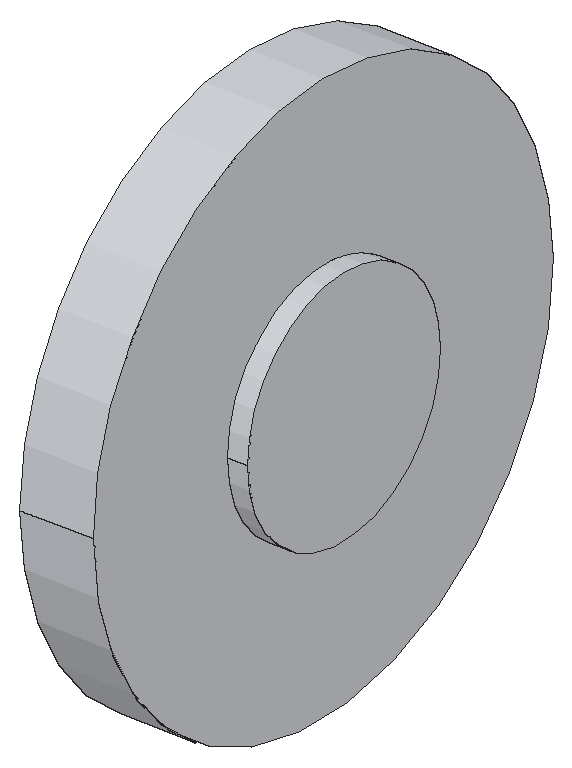
Revit family "2234fb68f8e948c6905bfff7b5c7e331", category Pipe Fittings, Revit 2021
Family settings
  Round Connector Dimension = Use Radius
  Part Type = Flange
  OmniClass Number = 23.60.30.11.14
  OmniClass Title = Pipework Fittings
  Seek Item ID = Flange - Threaded - GI - Class 250-0000-USA-ENU
  Work Plane-Based = No
  Always vertical = Yes
  Cut with Voids When Loaded = No
  Shared = No
Parameters (values of type "Standard")
  Tick Size [instance] = Flange Diameter * 0.4  # 1.95276"
  Raised Face Thickness [instance] = 1/16"  # constant formula
  Raised Face Radius [instance] = Raised Face Diameter / 2  # 1.33858"
  Raised Face Diameter [instance] = size_lookup(Lookup Table Name, "RFD", 1.2 * Nominal Diameter + 2 1/256", Nominal Diameter)  # 2.67717"
  Nominal Radius [instance] = 1/2"
  Nominal Diameter [instance] = Nominal Radius * 2  # 1"
  Loss Method = Not Defined
  Lookup Table Name = "Flange - Threaded - GI - Class 250"
  Length [instance] = size_lookup(Lookup Table Name, "Lgt", 0.13 * Nominal Diameter + 1 1/16", Nominal Diameter)  # 0.86614"
  Hub Radius [instance] = Hub Diameter / 2  # 1.02362"
  Hub Diameter [instance] = size_lookup(Lookup Table Name, "HDia", 1.12 * Nominal Diameter + 1 55/256", Nominal Diameter)  # 2.04724"
  Flange Thickness [instance] = size_lookup(Lookup Table Name, "FThk", 0.08 * Nominal Diameter + 217/256", Nominal Diameter)  # 0.68898"
  Flange Radius [instance] = Flange Diameter / 2  # 2.44094"
  Flange Diameter [instance] = size_lookup(Lookup Table Name, "FDia", 1.34 * Nominal Diameter + 4 3/16", Nominal Diameter)  # 4.88189"
  Default Elevation = 0' - 0"
Reference planes (in)
  plane 1 "Center (Front/Back)": y = 0
  plane 2: z = 0
  plane 3 "Center (Left/Right)": x = 0
  plane 4: y = 1.95276
  plane 5: y = -1.95276
  plane 6: x = 0.68898
  plane 7: x = 0.86614
  plane 8: x = 0.0625
Forms (in)
  Sweep 1, solid, detail levels fine
    path in 3D
      loop
        line (0, 0, 0) -> (0.0625, 0, 0)
    profile origin (0.03125, 0, 0) x (0, 1, 0) y (0, 0, 1)
      loop
        circle (0, 0) r 1.33858
  Sweep 2, solid, detail levels fine
    path in 3D
      loop
        line (0.0625, 0, 0) -> (0.68898, 0, 0)
    profile origin (0.37574, 0, 0) x (0, 1, 0) y (0, 0, 1)
      loop
        circle (0, 0) r 2.44094
  Sweep 3, solid, detail levels fine
    path in 3D
      loop
        line (0.68898, 0, 0) -> (0.86614, 0, 0)
    profile origin (0.77756, 0, 0) x (0, 1, 0) y (0, 0, 1)
      loop
        circle (0, 0) r 1.02362
Cuts and joins
  joined: Sweep 1, Sweep 2, Sweep 3
Lines and regions (in)
  model lines, detail levels coarse+medium
    curve 1: line (0.68898, 1.95276, 0) -> (0.68898, -1.95276, 0)
    curve 2: line (0, 0, 0) -> (0.0625, 0, 0)
    curve 3: line (0.0625, 0, 0) -> (0.68898, 0, 0)
    curve 4: line (0.68898, 0, 0) -> (0.86614, 0, 0)
  sketch lines
    curve 5: line (0, 0, 0) -> (0.0625, 0, 0)
    curve 6: line (0.0625, 0, 0) -> (0.68898, 0, 0)
    curve 7: line (0.68898, 0, 0) -> (0.86614, 0, 0)
Dimensions and locks (in)
  equal spacing: plane 4, plane 1 "Center (Front/Back)", plane 5
  "Tick Size": plane 4 to plane 1 "Center (Front/Back)"
  "Flange Thickness": plane 3 "Center (Left/Right)" to plane 6
  "Length": plane 3 "Center (Left/Right)" to plane 7
  "Raised Face Thickness": plane 3 "Center (Left/Right)" to plane 8
  "Raised Face Radius": radius of Sweep 1 sketch curve
  "Flange Radius": radius of Sweep 2 sketch curve
  "Hub Radius": radius of Sweep 3 sketch curve
  aligned and locked: plane 4 to curve 1
  aligned and locked: plane 5 to curve 1
  aligned and locked: curve 1 to plane 6
  aligned and locked: plane 3 "Center (Left/Right)" to curve 2
  aligned and locked: plane 1 "Center (Front/Back)" to curve 2
  aligned and locked: plane 8 to curve 3
  aligned and locked: plane 1 "Center (Front/Back)" to curve 3
  aligned and locked: plane 7 to curve 4
  aligned and locked: plane 6 to curve 4
  aligned and locked: plane 1 "Center (Front/Back)" to curve 4
Automatic sketch dimensions
  Sweep 1 sketch curve to profile plane = 0' - 0"  (x2)
  Sweep 2 sketch curve to profile plane = 0' - 0"  (x2)
  Sweep 3 sketch curve to profile plane = 0' - 0"  (x2)
Connectors (in)
  piping at (0, 0, 0), diameter 1, driven by "Nominal Radius"
    settings: on cut or joined group of Sweep 1, Sweep 2, Sweep 3, index 1, connector inside diameter 1", connector length 0' - 0", flow factor 0, pipe flow 0 GPM, pressure drop 0.00 psi, fitting loss kfactor 0, connector angle 0.00°, fixture units 0, engagement length 0' - 0", angle of deflection 0.00°, flow configuration 0, flow direction 0, fitting loss method 0, system type 28, joint type 0, gender type 0, connector reference index 2, connector utility 0, adjustable connector no, is connector primary yes, connector description ""
  piping at (0.86614, 0, 0), diameter 1, driven by "Nominal Radius"
    settings: on cut or joined group of Sweep 1, Sweep 2, Sweep 3, index 2, connector inside diameter 1", connector length 0' - 0", flow factor 0, pipe flow 0 GPM, pressure drop 0.00 psi, fitting loss kfactor 0, connector angle 0.00°, fixture units 0, engagement length 0' - 0", angle of deflection 0.00°, flow configuration 0, flow direction 0, fitting loss method 0, system type 28, joint type 0, gender type 0, connector reference index 1, connector utility 0, adjustable connector no, is connector primary no, connector description ""
